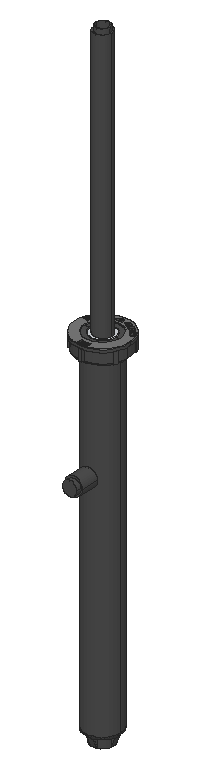
Revit family "Spray Bodies RD1800-S-P-30-NP Series", category Acessórios do tubo, Revit 2020
Family settings
  Cota do conector redondo = Utilizar diâmetro
  Tipo de parte = Normal
  Número OmniClass = 23.60.30.11.14
  Título OmniClass = Pipework Fittings
  Com base no plano de trabalho = Não
  Sempre na vertical = Sim
  Corte com vazios quando carregada = Não
  Compartilhado = Não
Parameters (values of type "RD1812-S-P-30-NP")
  White Plastic = Purple Plastic
  URL = "https://www.rainbird.com/"
  SupportProjetos: Reviw Date = "15/11/2020"  # constant formula
  SupportProjetos: Reviw = "R01"  # constant formula
  SupportProjetos: Level of Detail = "LOD 300"  # constant formula
  SupportProjetos: Developed = "MICHEL SOARES MOTA"  # constant formula
  SupportProjetos: Creation Date = "13/07/2020"  # constant formula
  Side inlet = Model > 1805  # yes
  RainBird: Product Link = "https://store.rainbird.com/sprinklers/spray-heads.html?sprays_sprayheadseries=117"
  RainBird: Description = "Spray Bodies Serie ED1800 - Model RD1812-S-P-30-NP"
  RainBird: Comment [instance] = ""
  RT = 0.3015 cm
  RN = 1 cm
  R5 = 1 cm
  R4 = 1.25 cm
  R3 = 2 cm
  R2 = 2.85 cm
  R1 = 1 cm
  R-VAN = yes
  Pop up height = 30.5 cm
  Pop up on [instance] = yes
  Modelo = "RD1812-S-P-30-NP"
  Model = 1812
  H1 = Body height / 3  # 13.5333 cm
  Elevação padrão = 0 cm
  Descrição = RainBird: Description  # "Spray Bodies Serie ED1800 - Model RD1812-S-P-30-NP"
  DT8 = 0.08 cm
  DT7 = 3.05 cm
  DT6 = 2 cm
  DT5 = 0.12 cm
  DT4 = 0.5 cm
  DT3 = 0.7973 cm
  DT2 = 1 cm
  DT1 = 1.4 cm
  DD9 = 2 cm
  DD8 [instance] = if(Pop up on, Pop up height, 0 cm)  # 30.5 cm
  DD7 = 0.6 cm
  DD6 = 0.3 cm
  DD5 = 0.2 cm
  DD3 = 1.8 cm
  DD2 = 0.5 cm
  DD13 = 1.5 cm
  DD12 [instance] = if(Pop up on, Pop up height + 1.51 cm, 0 cm)  # 32.01 cm
  DD11 = 0.6254 cm
  DD10 = 2.5 cm
  DD1 = 1.2 cm
  Conection = 1.91 cm  # constant formula
  Body height = 40.6 cm
  Black Plastic 2 = Black Plastic 2
  Black Plastic = Black Plastic
  Arch Angle [instance] = 180.00°
  AA1 = 135.00°
  1812 = yes
  1806 = no
  1804 = no
  180 = no
Types (4, lengths in cm): name | Side inlet | RainBird: Description | Pop up height | Modelo | Model | H1 | Descrição | DD9 | DD8 | DD12 | DD11 | DD10 | Body height | 1812 | 1806 | 1804 | 180
  (no name) | yes | "Spray Bodies Serie ED1800 - Model RD1812-S-P-30-NP" | 30.5 | "RD1812-S-P-30-NP" | 1812 | 13.5333 | "Spray Bodies Serie ED1800 - Model RD1812-S-P-30-NP" | 2 | 30.5 | 32.01 | 0.6254 | 2.5 | 40.6 | yes | no | no | no
  RD1804-S-P-30-NP | no | "Spray Bodies Serie RD1800 - Model RD1804-S-P-30-NP" | 10.2 | "RD1804-S-P-30-NP" | 1804 | 5.0667 | "Spray Bodies Serie RD1800 - Model RD1804-S-P-30-NP" | 1.3673 | 10.2 | 11.71 | 0.2 | 2.7818 | 15.2 | no | no | yes | yes
  RD1806-S-P-30-NP | yes | "Spray Bodies Serie RD1800 - Model RD1806-S-P-30-NP" | 15.2 | "RD1806-S-P-30-NP" | 1806 | 7.9333 | "Spray Bodies Serie RD1800 - Model RD1806-S-P-30-NP" | 1.3673 | 15.2 | 16.71 | 0.1 | 2.7818 | 23.8 | no | yes | no | yes
  RD1812-S-P-30-NP | yes | "Spray Bodies Serie ED1800 - Model RD1812-S-P-30-NP" | 30.5 | "RD1812-S-P-30-NP" | 1812 | 13.5333 | "Spray Bodies Serie ED1800 - Model RD1812-S-P-30-NP" | 2 | 30.5 | 32.01 | 0.6254 | 2.5 | 40.6 | yes | no | no | no
Reference planes (cm)
  plane 1 "Centro (Frente/Trás)": y = 0
  plane 2: z = 0
  plane 3 "Centro (Esquerda/Direita)": x = 0
  plane 4: z = 0.12
  plane 5: z = 0.08
  plane 6: y = -2
Forms (cm)
  Revolve 1, solid, material "Black Plastic" <- "Black Plastic"
    sketch origin (0, 0, 0) x (1, 0, 0) y (0, 0, 1)
      loop
        line (2.85, -1.5672) -> (2.85, -0.3) -> (3.05, -0.3) -> (3.05, 0) -> (1.4, 0) -> (1.4, -1) -> (1, -1) -> (1, -30.5) -> (0.6, -30.5) -> (0.6, -39.4) -> (1, -39.4) -> (1, -40.6) -> (1.25, -40.6) -> (1.25, -39.4) -> (1.6985, -39.4)
        arc (1.6985, -39.4) -> (1.9117, -39.3117) -> (2, -39.0985) r 0.3015
        line (2, -39.0985) -> (2, -2.1015)
        arc (2, -2.1015) -> (2.0883, -1.8883) -> (2.3015, -1.8) r 0.3015
        line (2.3015, -1.8) -> (2.6172, -1.8) -> (2.85, -1.5672)
      axis (0, -40.6) -> (0, 0)
    angle from 0 to 360
  Extrusion 2, solid, material "Black Plastic" <- "Black Plastic"
    sketch origin (0, 0, 0) x (1, 0, 0) y (0, 1, 0)
      loop
        circle (0, 0) r 1
    from -30.5 to 30.5
  Extrusion 3, void
    sketch origin (0, 0, 0) x (1, 0, 0) y (0, 1, 0)
      loop
        circle (0, 0) r 1
      loop
        circle (0, 0) r 0.7973
    from 30 to 30.5
  Extrusion 4, solid, material "Black Plastic" <- "Black Plastic", visible <- "180"
    sketch origin (0, -2.5, 0) x (1, 0, 0) y (0, 1, 0)
      loop
        line (-2.231, 3.2135) -> (-2.1644, 3.3339) -> (-2.3679, 3.3844) -> (-2.2992, 3.5085) -> (-2.0365, 3.4904) -> (-1.9715, 3.608) -> (-2.2887, 3.6298) -> (-2.4263, 3.706) -> (-2.6398, 3.6445) -> (-2.8298, 3.3622) -> (-2.231, 3.2135)
      loop
        line (-2.6663, 3.4585) -> (-2.4339, 3.4008) -> (-2.3526, 3.5478) -> (-2.4178, 3.6107) -> (-2.5587, 3.5701) -> (-2.6663, 3.4585)
      loop
        line (-1.9163, 3.7039) -> (-1.8175, 3.8064) -> (-1.8808, 3.8933) -> (-1.7232, 4.0568) -> (-1.6371, 4.0092) -> (-1.5763, 4.1193) -> (-2.1283, 4.1963) -> (-2.2118, 4.1098) -> (-1.9163, 3.7039)
      loop
        line (-2.0723, 4.0915) -> (-1.9537, 3.9286) -> (-1.8139, 4.0736) -> (-2.0723, 4.0915)
      loop
        line (-1.8177, 4.5186) -> (-1.3486, 4.2146) -> (-1.2727, 4.2934) -> (-1.7417, 4.5974) -> (-1.8177, 4.5186)
      loop
        line (-1.1151, 4.372) -> (-1.0305, 4.4599) -> (-1.2636, 4.6846) -> (-0.7593, 4.6142) -> (-0.6667, 4.7103) -> (-1.0803, 5.0567) -> (-1.1605, 4.9984) -> (-0.8466, 4.7354) -> (-1.4131, 4.8145) -> (-1.5049, 4.7477) -> (-1.1151, 4.372)
      loop
        line (-0.4562, 4.9237) -> (-0.283, 4.8466) -> (-0.0843, 4.7934) -> (0, 4.9138) -> (0.2358, 4.8722) -> (0.2981, 4.9345) -> (0.116, 5.0156) -> (0.2085, 5.1477) -> (-0.0336, 5.3172) -> (-0.0336, 5.1849) -> (-0.0336, 5.0821) -> (-0.1724, 5.1439) -> (-0.2428, 5.1033) -> (-0.1476, 5.0081) -> (-0.274, 4.9621) -> (-0.4562, 4.9237)
      loop
        line (0.6147, 4.7728) -> (0.9327, 4.5929) -> (1.0885, 4.5721) -> (1.1808, 4.6694) -> (1.1317, 4.7723) -> (1.2619, 4.7549) -> (1.334, 4.8309) -> (1.2754, 4.9539) -> (0.9573, 5.1338) -> (0.6147, 4.7728)
      loop
        line (0.8462, 4.8897) -> (0.7501, 4.7884) -> (0.9556, 4.6722) -> (1.0744, 4.6732) -> (1.0734, 4.7801) -> (0.8462, 4.8897)
      loop
        line (0.9989, 5.0507) -> (0.9222, 4.9699) -> (1.1173, 4.8595) -> (1.2037, 4.8602) -> (1.1883, 4.9435) -> (0.9989, 5.0507)
      loop
        line (1.2199, 4.4305) -> (1.3171, 4.3754) -> (1.7079, 4.7092) -> (1.6106, 4.7642) -> (1.2199, 4.4305)
      loop
        line (1.9335, 4.5079) -> (1.472, 4.2878) -> (1.5637, 4.2008) -> (1.7245, 4.2775) -> (1.8813, 4.1484) -> (1.7689, 4.0299) -> (1.857, 3.9063) -> (1.985, 3.9976) -> (2.0031, 4.1334) -> (2.1114, 4.0951) -> (2.2369, 4.155) -> (2.156, 4.3246) -> (1.9335, 4.5079)
      loop
        line (1.9261, 4.4053) -> (1.8225, 4.3559) -> (1.9436, 4.2141) -> (2.1112, 4.2155) -> (2.0556, 4.3321) -> (1.9261, 4.4053)
      loop
        line (1.9557, 3.8215) -> (2.1968, 3.4836) -> (2.3925, 3.4143) -> (2.7137, 3.5675) -> (2.6804, 3.6964) -> (2.4921, 3.9603) -> (1.9557, 3.8215)
      loop
        line (2.1302, 3.7523) -> (2.2577, 3.5736) -> (2.4889, 3.5756) -> (2.5959, 3.652) -> (2.4629, 3.8384) -> (2.1302, 3.7523)
      loop
        line (-0.516, -0.0627) -> (-0.4245, -0.0627) -> (-0.4245, -0.3834) -> (-0.3366, -0.3834) -> (-0.3366, 0.1166) -> (-0.516, -0.0627)
      loop
        line (-0.2745, 0.1165) -> (-0.2745, -0.3834) -> (-0.0345, -0.3834) -> (-0.0345, 0.1165) -> (-0.2745, 0.1165)
      loop
        line (-0.1945, 0.0365) -> (-0.1945, -0.0861) -> (-0.1145, -0.0861) -> (-0.1145, 0.0365) -> (-0.1945, 0.0365)
      loop
        line (-0.1945, -0.1661) -> (-0.1945, -0.3034) -> (-0.1145, -0.3034) -> (-0.1145, -0.1661) -> (-0.1945, -0.1661)
      loop
        line (0.0395, 0.1165) -> (0.0395, -0.3834) -> (0.2795, -0.3834) -> (0.2795, 0.1165) -> (0.0395, 0.1165)
      loop
        line (0.1195, 0.0365) -> (0.1195, -0.3034) -> (0.1995, -0.3034) -> (0.1995, 0.0365) -> (0.1195, 0.0365)
    from 0 to 0.12
  Extrusion 5, solid, material "Black Plastic 2" <- "Black Plastic 2"
    sketch origin (0, 0, 0) x (1, 0, 0) y (0, 1, 0)
      loop
        circle (0, 0) r 3.05
      loop
        circle (0, 0) r 2
    from 0 to 0.08
  Extrusion 6, solid, material "Black Plastic" <- "Black Plastic", visible <- "Side inlet"
    sketch origin (0, 0, 0) x (1, 0, 0) y (0, 0, 1)
      loop
        circle (0, -13.5333) r 1
    from 2 to 4
  Extrusion 7, solid, material "Black Plastic" <- "Black Plastic", visible <- "Side inlet"
    sketch origin (0, 0, 0) x (1, 0, 0) y (0, 0, 1)
      loop
        circle (0, -13.5333) r 0.7964
    from 4 to 4.5
  Extrusion 8, void
    sketch origin (0, 0, 0) x (1, 0, 0) y (0, 1, 0)
      loop
        circle (0, 0) r 0.6963
    from -30.5 to 30.5
  Extrusion 9, solid, material "Black Plastic" <- "Black Plastic"
    sketch origin (0, 0, 0) x (0, 1, 0) y (0, 0, 1)
      loop
        line (1.25, -39.4) -> (1.25, -40.6) -> (1.75, -39.4) -> (1.25, -39.4)
      loop
        line (-1.25, -39.4) -> (-1.75, -39.4) -> (-1.25, -40.6) -> (-1.25, -39.4)
    from -0.3127 to 0.3127
  Extrusion 10, solid, material "Black Plastic" <- "Black Plastic"
    sketch origin (0, 0, 0) x (-1, 0, 0) y (0, 0, 1)
      loop
        line (1.25, -39.4) -> (1.25, -40.6) -> (1.75, -39.4) -> (1.25, -39.4)
      loop
        line (-1.25, -39.4) -> (-1.75, -39.4) -> (-1.25, -40.6) -> (-1.25, -39.4)
    from -0.3127 to 0.3127
  Extrusion 11, solid, material "Black Plastic" <- "Black Plastic", visible <- "1804"
    sketch origin (0.5778, -2.5, 0) x (1, 0, 0) y (0, 1, 0)
      loop
        line (-0.268, -0.156) -> (-0.108, -0.156) -> (-0.108, -0.3834) -> (-0.024, -0.3834) -> (-0.024, 0.1165) -> (-0.108, 0.1165) -> (-0.108, -0.0861) -> (-0.188, -0.0861) -> (-0.188, 0.1165) -> (-0.268, 0.1165) -> (-0.268, -0.156)
    from 0 to 0.12
  Extrusion 12, solid, material "Black Plastic" <- "Black Plastic", visible <- "1806"
    sketch origin (0.5778, -2.5, 0) x (1, 0, 0) y (0, 1, 0)
      loop
        line (-0.268, -0.3834) -> (-0.024, -0.3834) -> (-0.024, -0.0861) -> (-0.188, -0.0861) -> (-0.188, 0.0365) -> (-0.024, 0.0365) -> (-0.024, 0.1165) -> (-0.268, 0.1165) -> (-0.268, -0.3834)
      loop
        line (-0.188, -0.1661) -> (-0.188, -0.3034) -> (-0.108, -0.3034) -> (-0.108, -0.1661) -> (-0.188, -0.1661)
    from 0 to 0.12
  Extrusion 13, solid, material "Black Plastic" <- "Black Plastic", visible <- "1812"
    sketch origin (0, -2.5, 0) x (1, 0, 0) y (0, 1, 0)
      loop
        line (-2.231, 3.2135) -> (-2.1644, 3.3339) -> (-2.3679, 3.3844) -> (-2.2992, 3.5085) -> (-2.0365, 3.4904) -> (-1.9715, 3.608) -> (-2.2887, 3.6298) -> (-2.4263, 3.706) -> (-2.6398, 3.6445) -> (-2.8298, 3.3622) -> (-2.231, 3.2135)
      loop
        line (-2.6663, 3.4585) -> (-2.4339, 3.4008) -> (-2.3526, 3.5478) -> (-2.4178, 3.6107) -> (-2.5587, 3.5701) -> (-2.6663, 3.4585)
      loop
        line (-1.9163, 3.7039) -> (-1.8175, 3.8064) -> (-1.8808, 3.8933) -> (-1.7232, 4.0568) -> (-1.6371, 4.0092) -> (-1.5763, 4.1193) -> (-2.1283, 4.1963) -> (-2.2118, 4.1098) -> (-1.9163, 3.7039)
      loop
        line (-2.0723, 4.0915) -> (-1.9537, 3.9286) -> (-1.8139, 4.0736) -> (-2.0723, 4.0915)
      loop
        line (-1.8177, 4.5186) -> (-1.3486, 4.2146) -> (-1.2727, 4.2934) -> (-1.7417, 4.5974) -> (-1.8177, 4.5186)
      loop
        line (-1.1151, 4.372) -> (-1.0305, 4.4599) -> (-1.2636, 4.6846) -> (-0.7593, 4.6142) -> (-0.6667, 4.7103) -> (-1.0803, 5.0567) -> (-1.1605, 4.9984) -> (-0.8466, 4.7354) -> (-1.4131, 4.8145) -> (-1.5049, 4.7477) -> (-1.1151, 4.372)
      loop
        line (-0.4562, 4.9237) -> (-0.283, 4.8466) -> (-0.0843, 4.7934) -> (0, 4.9138) -> (0.2358, 4.8722) -> (0.2981, 4.9345) -> (0.116, 5.0156) -> (0.2085, 5.1477) -> (-0.0336, 5.3172) -> (-0.0336, 5.1849) -> (-0.0336, 5.0821) -> (-0.1724, 5.1439) -> (-0.2428, 5.1033) -> (-0.1476, 5.0081) -> (-0.274, 4.9621) -> (-0.4562, 4.9237)
      loop
        line (0.6147, 4.7728) -> (0.9327, 4.5929) -> (1.0885, 4.5721) -> (1.1808, 4.6694) -> (1.1317, 4.7723) -> (1.2619, 4.7549) -> (1.334, 4.8309) -> (1.2754, 4.9539) -> (0.9573, 5.1338) -> (0.6147, 4.7728)
      loop
        line (0.8462, 4.8897) -> (0.7501, 4.7884) -> (0.9556, 4.6722) -> (1.0744, 4.6732) -> (1.0734, 4.7801) -> (0.8462, 4.8897)
      loop
        line (0.9989, 5.0507) -> (0.9222, 4.9699) -> (1.1173, 4.8595) -> (1.2037, 4.8602) -> (1.1883, 4.9435) -> (0.9989, 5.0507)
      loop
        line (1.2199, 4.4305) -> (1.3171, 4.3754) -> (1.7079, 4.7092) -> (1.6106, 4.7642) -> (1.2199, 4.4305)
      loop
        line (1.9335, 4.5079) -> (1.472, 4.2878) -> (1.5637, 4.2008) -> (1.7245, 4.2775) -> (1.8813, 4.1484) -> (1.7689, 4.0299) -> (1.857, 3.9063) -> (1.985, 3.9976) -> (2.0031, 4.1334) -> (2.1114, 4.0951) -> (2.2369, 4.155) -> (2.156, 4.3246) -> (1.9335, 4.5079)
      loop
        line (1.9261, 4.4053) -> (1.8225, 4.3559) -> (1.9436, 4.2141) -> (2.1112, 4.2155) -> (2.0556, 4.3321) -> (1.9261, 4.4053)
      loop
        line (1.9557, 3.8215) -> (2.1968, 3.4836) -> (2.3925, 3.4143) -> (2.7137, 3.5675) -> (2.6804, 3.6964) -> (2.4921, 3.9603) -> (1.9557, 3.8215)
      loop
        line (2.1302, 3.7523) -> (2.2577, 3.5736) -> (2.4889, 3.5756) -> (2.5959, 3.652) -> (2.4629, 3.8384) -> (2.1302, 3.7523)
      loop
        line (-0.516, -0.0625) -> (-0.4245, -0.0625) -> (-0.4245, -0.3832) -> (-0.3366, -0.3832) -> (-0.3366, 0.1168) -> (-0.516, -0.0625)
      loop
        line (-0.2745, 0.1166) -> (-0.2745, -0.3832) -> (-0.0345, -0.3832) -> (-0.0345, 0.1166) -> (-0.2745, 0.1166)
      loop
        line (-0.1945, 0.0366) -> (-0.1945, -0.086) -> (-0.1145, -0.086) -> (-0.1145, 0.0366) -> (-0.1945, 0.0366)
      loop
        line (-0.1945, -0.166) -> (-0.1945, -0.3032) -> (-0.1145, -0.3032) -> (-0.1145, -0.166) -> (-0.1945, -0.166)
      loop
        line (0.2795, 0.1166) -> (0.1002, -0.0625) -> (0.1916, -0.0625) -> (0.1916, -0.3831) -> (0.2795, -0.3831) -> (0.2795, 0.1166)
      loop
        line (0.3097, 0.1165) -> (0.3097, 0.0365) -> (0.4697, 0.0365) -> (0.4697, -0.0861) -> (0.3097, -0.0861) -> (0.3097, -0.3834) -> (0.5537, -0.3834) -> (0.5537, -0.3032) -> (0.3897, -0.3032) -> (0.3897, -0.1664) -> (0.5537, -0.1664) -> (0.5537, 0.1165) -> (0.3097, 0.1165)
    from 0 to 0.12
  Extrusion 14, solid, material "Black Plastic" <- "Black Plastic"
    sketch origin (0, 0, 0) x (1, 0, 0) y (0, 1, 0)
      loop
        line (-0.1873, 3.0442) -> (-0.1873, 2.8126)
        arc (-0.1873, 2.8126) -> (0, 2.8188) -> (0.1873, 2.8126) r 2.8188
        line (0.1873, 2.8126) -> (0.1873, 3.0442)
        arc (0.1873, 3.0442) -> (0, 3.05) -> (-0.1873, 3.0442) r 3.05
      loop
        arc (-0.1873, -3.0442) -> (0, -3.05) -> (0.1873, -3.0442) r 3.05
        line (0.1873, -3.0442) -> (0.1873, -2.8126)
        arc (0.1873, -2.8126) -> (0, -2.8188) -> (-0.1873, -2.8126) r 2.8188
        line (-0.1873, -2.8126) -> (-0.1873, -3.0442)
      loop
        line (-2.73, 1.3599) -> (-2.5294, 1.2441)
        arc (-2.5294, 1.2441) -> (-2.4411, 1.4094) -> (-2.3421, 1.5685) r 2.8188
        line (-2.3421, 1.5685) -> (-2.5427, 1.6843)
        arc (-2.5427, 1.6843) -> (-2.6414, 1.525) -> (-2.73, 1.3599) r 3.05
      loop
        arc (2.5427, -1.6843) -> (2.6414, -1.525) -> (2.73, -1.3599) r 3.05
        line (2.73, -1.3599) -> (2.5294, -1.2441)
        arc (2.5294, -1.2441) -> (2.4411, -1.4094) -> (2.3421, -1.5685) r 2.8188
        line (2.3421, -1.5685) -> (2.5427, -1.6843)
      loop
        line (-2.5427, -1.6843) -> (-2.3421, -1.5685)
        arc (-2.3421, -1.5685) -> (-2.4411, -1.4094) -> (-2.5294, -1.2441) r 2.8188
        line (-2.5294, -1.2441) -> (-2.73, -1.3599)
        arc (-2.73, -1.3599) -> (-2.6414, -1.525) -> (-2.5427, -1.6843) r 3.05
      loop
        arc (2.73, 1.3599) -> (2.6414, 1.525) -> (2.5427, 1.6843) r 3.05
        line (2.5427, 1.6843) -> (2.3421, 1.5685)
        arc (2.3421, 1.5685) -> (2.4411, 1.4094) -> (2.5294, 1.2441) r 2.8188
        line (2.5294, 1.2441) -> (2.73, 1.3599)
    from -1.5672 to -0.3
Cuts and joins
  Extrusion 3, Extrusion 8 cuts Extrusion 2
Dimensions and locks (cm)
  "Body height": level to Revolve 1 sketch curve
  "R2": Revolve 1 sketch curve to plane 3 "Centro (Esquerda/Direita)"
  "DD1": Revolve 1 sketch curve to Revolve 1 sketch curve
  "DD3": level to Revolve 1 sketch curve
  "R3": Revolve 1 sketch curve to plane 3 "Centro (Esquerda/Direita)"
  "R4": Revolve 1 sketch curve to plane 3 "Centro (Esquerda/Direita)"
  "DD5": Revolve 1 sketch curve to Revolve 1 sketch curve
  "DD6": level to Revolve 1 sketch curve
  "RN": Revolve 1 sketch curve to plane 3 "Centro (Esquerda/Direita)"
  "Pop up height": level to Revolve 1 sketch curve
  "R5": plane 3 "Centro (Esquerda/Direita)" to Revolve 1 sketch curve
  "DD7": Revolve 1 sketch curve to plane 3 "Centro (Esquerda/Direita)"
  "DT1": plane 3 "Centro (Esquerda/Direita)" to Revolve 1 sketch curve
  "DT2": level to Revolve 1 sketch curve
  "DD8": Extrusion 2 to level
  "DT4": cut or joined group of Extrusion 2, Extrusion 3, Extrusion 8 to cut or joined group of Extrusion 2, Extrusion 3, Extrusion 8
  "DT5": plane 4 to level
  "DT8": plane 5 to level
  "H1": level to Extrusion 6 sketch curve
  "R3": plane 6 to plane 1 "Centro (Frente/Trás)"
  "DD9": Extrusion 6 to plane 6
  locked: Extrusion 7 to Extrusion 6 at 0.5
  "H1": level to Extrusion 7 sketch curve
  equal spacing: Extrusion 9, plane 3 "Centro (Esquerda/Direita)", Extrusion 9
  "DD11": Extrusion 9 to Extrusion 9
  equal spacing: Extrusion 10, plane 1 "Centro (Frente/Trás)", Extrusion 10
  "DD11": Extrusion 10 to Extrusion 10
  plane 3 "Centro (Esquerda/Direita)" to Extrusion 14 = 0.1873 cm
  "RT": radius of Revolve 1 sketch curve  (x2)
  "R1": radius of Extrusion 2 sketch curve
  "R1": radius of Extrusion 3 sketch curve
  "DT3": radius of Extrusion 3 sketch curve
  "DT6": radius of Extrusion 5 sketch curve
  "DT7": radius of Extrusion 5 sketch curve
  "AA1": angle Revolve 1 sketch curve to Revolve 1 sketch curve
  aligned and locked: level to plane 2
  aligned and locked: level to Revolve 1 sketch curve
  aligned and locked: Revolve 1 sketch curve to Revolve 1 sketch curve
  aligned and locked: Extrusion 2 to Revolve 1
  aligned and locked: cut or joined group of Extrusion 2, Extrusion 3, Extrusion 8 to cut or joined group of Extrusion 2, Extrusion 3, Extrusion 8  (x3)
  aligned and locked: Extrusion 4 to level
  aligned and locked: plane 4 to Extrusion 4
  aligned and locked: Extrusion 5 to level
  aligned and locked: plane 5 to Extrusion 5
  aligned and locked: plane 6 to Extrusion 6
  aligned and locked: Extrusion 7 to Extrusion 6
  aligned and locked: Extrusion 9 to Revolve 1
  aligned and locked: Extrusion 10 to Revolve 1
  aligned and locked: Revolve 1 to Extrusion 10
  aligned and locked: Revolve 1 to Extrusion 9
  aligned and locked: Revolve 1 to Extrusion 14  (x2)
Automatic sketch dimensions
  plane 1 "Centro (Frente/Trás)" to Extrusion 2 sketch curve = 0 cm
  Extrusion 2 sketch curve to plane 3 "Centro (Esquerda/Direita)" = 0 cm
  Extrusion 4 sketch curve to plane 3 "Centro (Esquerda/Direita)" = 0 cm
  Extrusion 4 sketch curve to plane 3 "Centro (Esquerda/Direita)" = 0.0336 cm
  Extrusion 4 sketch curve to plane 3 "Centro (Esquerda/Direita)" = 0.0345 cm
  Extrusion 4 sketch curve to plane 3 "Centro (Esquerda/Direita)" = 0.0843 cm
  Extrusion 4 sketch curve to plane 3 "Centro (Esquerda/Direita)" = 0.1145 cm
  Extrusion 4 sketch curve to Extrusion 4 sketch curve = 0.08 cm  (x11)
  Extrusion 4 sketch curve to Extrusion 4 sketch curve = 0.114 cm
  Extrusion 4 sketch curve to Extrusion 4 sketch curve = 0.0248 cm
  Extrusion 4 sketch curve to Extrusion 4 sketch curve = 0.0704 cm
  Extrusion 4 sketch curve to Extrusion 4 sketch curve = 0.1264 cm
  Extrusion 4 sketch curve to Extrusion 4 sketch curve = 0.009 cm
  Extrusion 4 sketch curve to Extrusion 4 sketch curve = 0.0622 cm  (x3)
  Extrusion 4 sketch curve to Extrusion 4 sketch curve = 0.0879 cm
  Extrusion 4 sketch curve to Extrusion 4 sketch curve = 0.1822 cm
  Extrusion 4 sketch curve to Extrusion 4 sketch curve = 0.0914 cm
  Extrusion 4 sketch curve to Extrusion 4 sketch curve = 0.2105 cm
  Extrusion 4 sketch curve to Extrusion 4 sketch curve = 0.0927 cm
  Extrusion 4 sketch curve to Extrusion 4 sketch curve = 0.0872 cm  (x2)
  Extrusion 4 sketch curve to Extrusion 4 sketch curve = 0.2711 cm
  Extrusion 4 sketch curve to Extrusion 4 sketch curve = 0.2338 cm
  Extrusion 4 sketch curve to Extrusion 4 sketch curve = 0.0847 cm  (x2)
  Extrusion 4 sketch curve to Extrusion 4 sketch curve = 0.0802 cm
  Extrusion 4 sketch curve to Extrusion 4 sketch curve = 0.2331 cm
  Extrusion 4 sketch curve to Extrusion 4 sketch curve = 0.1575 cm
  Extrusion 4 sketch curve to Extrusion 4 sketch curve = 0.0759 cm  (x2)
  Extrusion 4 sketch curve to Extrusion 4 sketch curve = 0.1495 cm
  Extrusion 4 sketch curve to Extrusion 4 sketch curve = 0.0917 cm  (x2)
  Extrusion 4 sketch curve to Extrusion 4 sketch curve = 0.2277 cm
  Extrusion 4 sketch curve to Extrusion 4 sketch curve = 0.0609 cm  (x2)
  Extrusion 4 sketch curve to Extrusion 4 sketch curve = 0.0861 cm
  Extrusion 4 sketch curve to Extrusion 4 sketch curve = 0.2369 cm
  Extrusion 4 sketch curve to Extrusion 4 sketch curve = 0.0907 cm
  Extrusion 4 sketch curve to Extrusion 4 sketch curve = 0.0037 cm
  Extrusion 4 sketch curve to Extrusion 4 sketch curve = 0.0633 cm
  Extrusion 4 sketch curve to Extrusion 4 sketch curve = 0.0988 cm
  Extrusion 4 sketch curve to Extrusion 4 sketch curve = 0.0729 cm
  Extrusion 4 sketch curve to Extrusion 4 sketch curve = 0.0551 cm
  Extrusion 4 sketch curve to plane 1 "Centro (Frente/Trás)" = 0.9904 cm
  Extrusion 4 sketch curve to Extrusion 4 sketch curve = 0.065 cm
  Extrusion 4 sketch curve to Extrusion 4 sketch curve = 0.1186 cm
  Extrusion 4 sketch curve to Extrusion 4 sketch curve = 0.056 cm
  Extrusion 4 sketch curve to plane 1 "Centro (Frente/Trás)" = 0.8339 cm
  Extrusion 4 sketch curve to Extrusion 4 sketch curve = 0.1279 cm
  Extrusion 4 sketch curve to Extrusion 4 sketch curve = 0.0835 cm
  Extrusion 4 sketch curve to plane 1 "Centro (Frente/Trás)" = 0.7135 cm
  Extrusion 4 sketch curve to Extrusion 4 sketch curve = 0.0666 cm  (x2)
  Extrusion 4 sketch curve to plane 1 "Centro (Frente/Trás)" = 1.1298 cm
  Extrusion 4 sketch curve to Extrusion 4 sketch curve = 0.2521 cm
  Extrusion 4 sketch curve to plane 1 "Centro (Frente/Trás)" = 1.0085 cm
  Extrusion 4 sketch curve to Extrusion 4 sketch curve = 0.0106 cm
  Extrusion 4 sketch curve to plane 1 "Centro (Frente/Trás)" = 1.0478 cm
  Extrusion 4 sketch curve to Extrusion 4 sketch curve = 0.0534 cm
  Extrusion 4 sketch curve to plane 1 "Centro (Frente/Trás)" = 0.8844 cm
  Extrusion 4 sketch curve to Extrusion 4 sketch curve = 0.0686 cm
  Extrusion 4 sketch curve to plane 1 "Centro (Frente/Trás)" = 1.1107 cm
  Extrusion 4 sketch curve to Extrusion 4 sketch curve = 0.0652 cm
  Extrusion 4 sketch curve to plane 1 "Centro (Frente/Trás)" = 1.206 cm
  Extrusion 4 sketch curve to Extrusion 4 sketch curve = 0.0084 cm
  Extrusion 4 sketch curve to plane 1 "Centro (Frente/Trás)" = 0.9008 cm
  Extrusion 4 sketch curve to Extrusion 4 sketch curve = 0.066 cm
  Extrusion 4 sketch curve to plane 1 "Centro (Frente/Trás)" = 1.0701 cm
  Extrusion 4 sketch curve to Extrusion 4 sketch curve = 0.1408 cm
  Extrusion 4 sketch curve to plane 1 "Centro (Frente/Trás)" = 1.1445 cm
  Extrusion 4 sketch curve to Extrusion 4 sketch curve = 0.0811 cm  (x2)
  Extrusion 4 sketch curve to plane 1 "Centro (Frente/Trás)" = 0.9585 cm
  Extrusion 4 sketch curve to Extrusion 4 sketch curve = 0.1076 cm
  Extrusion 4 sketch curve to plane 1 "Centro (Frente/Trás)" = 0.8622 cm
  Extrusion 4 sketch curve to Extrusion 4 sketch curve = 0.1635 cm
  plane 3 "Centro (Esquerda/Direita)" to Extrusion 4 sketch curve = 0.0395 cm
  plane 3 "Centro (Esquerda/Direita)" to Extrusion 4 sketch curve = 0.116 cm
  Extrusion 4 sketch curve to Extrusion 4 sketch curve = 0.0925 cm
  Extrusion 4 sketch curve to Extrusion 4 sketch curve = 0.1199 cm
  Extrusion 4 sketch curve to Extrusion 4 sketch curve = 0.3166 cm
  Extrusion 4 sketch curve to Extrusion 4 sketch curve = 0.1353 cm
  Extrusion 4 sketch curve to Extrusion 4 sketch curve = 0.0961 cm  (x2)
  Extrusion 4 sketch curve to Extrusion 4 sketch curve = 0.076 cm  (x2)
  Extrusion 4 sketch curve to Extrusion 4 sketch curve = 0.1827 cm
  Extrusion 4 sketch curve to Extrusion 4 sketch curve = 0.0229 cm
  Extrusion 4 sketch curve to Extrusion 4 sketch curve = 0.0351 cm
  Extrusion 4 sketch curve to Extrusion 4 sketch curve = 0.0416 cm
  Extrusion 4 sketch curve to Extrusion 4 sketch curve = 0.1178 cm
  Extrusion 4 sketch curve to Extrusion 4 sketch curve = 0.0009 cm
  Extrusion 4 sketch curve to Extrusion 4 sketch curve = 0.0141 cm
  Extrusion 4 sketch curve to Extrusion 4 sketch curve = 0.0439 cm
  Extrusion 4 sketch curve to Extrusion 4 sketch curve = 0.0583 cm
  Extrusion 4 sketch curve to Extrusion 4 sketch curve = 0.1064 cm
  Extrusion 4 sketch curve to Extrusion 4 sketch curve = 0.071 cm
  Extrusion 4 sketch curve to Extrusion 4 sketch curve = 0.0154 cm
  Extrusion 4 sketch curve to Extrusion 4 sketch curve = 0.1314 cm
  Extrusion 4 sketch curve to Extrusion 4 sketch curve = 0.0871 cm
  Extrusion 4 sketch curve to Extrusion 4 sketch curve = 0.0973 cm  (x3)
  Extrusion 4 sketch curve to Extrusion 4 sketch curve = 0.0721 cm
  Extrusion 4 sketch curve to Extrusion 4 sketch curve = 0.1549 cm
  Extrusion 4 sketch curve to Extrusion 4 sketch curve = 0.2766 cm
  Extrusion 4 sketch curve to Extrusion 4 sketch curve = 0.1608 cm
  Extrusion 4 sketch curve to Extrusion 4 sketch curve = 0.0443 cm
  Extrusion 4 sketch curve to Extrusion 4 sketch curve = 0.098 cm
  Extrusion 4 sketch curve to Extrusion 4 sketch curve = 0.0882 cm
  Extrusion 4 sketch curve to Extrusion 4 sketch curve = 0.1125 cm
  Extrusion 4 sketch curve to Extrusion 4 sketch curve = 0.1036 cm
  Extrusion 4 sketch curve to Extrusion 4 sketch curve = 0.0073 cm
  Extrusion 4 sketch curve to Extrusion 4 sketch curve = 0.0623 cm
  Extrusion 4 sketch curve to Extrusion 4 sketch curve = 0.0987 cm
  Extrusion 4 sketch curve to Extrusion 4 sketch curve = 0.128 cm
  Extrusion 4 sketch curve to Extrusion 4 sketch curve = 0.0595 cm
  Extrusion 4 sketch curve to Extrusion 4 sketch curve = 0.1295 cm
  Extrusion 4 sketch curve to Extrusion 4 sketch curve = 0.0556 cm
  Extrusion 4 sketch curve to Extrusion 4 sketch curve = 0.1083 cm
  Extrusion 4 sketch curve to Extrusion 4 sketch curve = 0.1745 cm
  Extrusion 4 sketch curve to Extrusion 4 sketch curve = 0.1004 cm
  Extrusion 4 sketch curve to plane 1 "Centro (Frente/Trás)" = 0.9836 cm
  Extrusion 4 sketch curve to Extrusion 4 sketch curve = 0.1255 cm
  Extrusion 4 sketch curve to plane 1 "Centro (Frente/Trás)" = 1.0736 cm
  Extrusion 4 sketch curve to plane 1 "Centro (Frente/Trás)" = 0.9143 cm
  Extrusion 4 sketch curve to Extrusion 4 sketch curve = 0.1957 cm
  Extrusion 4 sketch curve to Extrusion 4 sketch curve = 0.2053 cm
  Extrusion 4 sketch curve to plane 1 "Centro (Frente/Trás)" = 1.0756 cm
  Extrusion 4 sketch curve to Extrusion 4 sketch curve = 0.0964 cm
  Extrusion 4 sketch curve to Extrusion 4 sketch curve = 0.0292 cm
  Extrusion 4 sketch curve to plane 1 "Centro (Frente/Trás)" = 1.152 cm
  Extrusion 4 sketch curve to Extrusion 4 sketch curve = 0.107 cm
  Extrusion 4 sketch curve to plane 1 "Centro (Frente/Trás)" = 1.1964 cm
  Extrusion 4 sketch curve to Extrusion 4 sketch curve = 0.0844 cm
  Extrusion 4 sketch curve to plane 1 "Centro (Frente/Trás)" = 1.0675 cm
  Extrusion 4 sketch curve to Extrusion 4 sketch curve = 0.0333 cm
  Extrusion 4 sketch curve to plane 6 = 0.3834 cm
  Extrusion 4 sketch curve to Extrusion 4 sketch curve = 0.0001 cm
  Extrusion 4 sketch curve to Extrusion 4 sketch curve = 0 cm  (x4)
  Extrusion 4 sketch curve to Extrusion 4 sketch curve = 0.1793 cm
  Extrusion 4 sketch curve to Extrusion 4 sketch curve = 0.1226 cm
  Extrusion 4 sketch curve to Extrusion 4 sketch curve = 0.1372 cm
  Extrusion 4 sketch curve to Extrusion 4 sketch curve = 0.1176 cm
  Extrusion 4 sketch curve to Extrusion 4 sketch curve = 0.096 cm
  Extrusion 4 sketch curve to Extrusion 4 sketch curve = 0.1787 cm
  Extrusion 4 sketch curve to Extrusion 4 sketch curve = 0.1025 cm
  Extrusion 4 sketch curve to Extrusion 4 sketch curve = 0.0692 cm
  Extrusion 4 sketch curve to Extrusion 4 sketch curve = 0.0869 cm
  Extrusion 4 sketch curve to Extrusion 4 sketch curve = 0.0353 cm
  Extrusion 4 sketch curve to Extrusion 4 sketch curve = 0.1219 cm
  Extrusion 4 sketch curve to Extrusion 4 sketch curve = 0.0913 cm
  Extrusion 4 sketch curve to Extrusion 4 sketch curve = 0.1159 cm
  Extrusion 4 sketch curve to Extrusion 4 sketch curve = 0.0476 cm
  Extrusion 4 sketch curve to Extrusion 4 sketch curve = 0.0168 cm
  Extrusion 4 sketch curve to Extrusion 4 sketch curve = 0.1629 cm
  Extrusion 4 sketch curve to Extrusion 4 sketch curve = 0.0975 cm
  Extrusion 4 sketch curve to Extrusion 4 sketch curve = 0.0183 cm
  Extrusion 4 sketch curve to Extrusion 4 sketch curve = 0.0383 cm
  Extrusion 4 sketch curve to Extrusion 4 sketch curve = 0.015 cm
  Extrusion 4 sketch curve to Extrusion 4 sketch curve = 0.0599 cm
  Extrusion 4 sketch curve to Extrusion 4 sketch curve = 0.1049 cm
  Extrusion 4 sketch curve to Extrusion 4 sketch curve = 0.1709 cm
  Extrusion 4 sketch curve to Extrusion 4 sketch curve = 0.0657 cm
  Extrusion 4 sketch curve to Extrusion 4 sketch curve = 0.0953 cm
  Extrusion 4 sketch curve to Extrusion 4 sketch curve = 0.1091 cm
  Extrusion 4 sketch curve to Extrusion 4 sketch curve = 0.0767 cm
  Extrusion 4 sketch curve to Extrusion 4 sketch curve = 0.087 cm
  Extrusion 4 sketch curve to Extrusion 4 sketch curve = 0.0788 cm  (x3)
  Extrusion 4 sketch curve to Extrusion 4 sketch curve = 0.0074 cm
  Extrusion 4 sketch curve to Extrusion 4 sketch curve = 0.0783 cm
  Extrusion 4 sketch curve to Extrusion 4 sketch curve = 0.0787 cm
  Extrusion 4 sketch curve to Extrusion 4 sketch curve = 0.0876 cm
  Extrusion 4 sketch curve to Extrusion 4 sketch curve = 0.0494 cm
  Extrusion 4 sketch curve to Extrusion 4 sketch curve = 0.055 cm  (x2)
  Extrusion 4 sketch curve to Extrusion 4 sketch curve = 0.0878 cm
  Extrusion 4 sketch curve to Extrusion 4 sketch curve = 0.1026 cm
  Extrusion 4 sketch curve to Extrusion 4 sketch curve = 0.2291 cm
  Extrusion 4 sketch curve to Extrusion 4 sketch curve = 0.1417 cm
  Extrusion 4 sketch curve to Extrusion 4 sketch curve = 0.0208 cm
  Extrusion 4 sketch curve to Extrusion 4 sketch curve = 0.1543 cm
  Extrusion 4 sketch curve to Extrusion 4 sketch curve = 0.0792 cm
  Extrusion 4 sketch curve to Extrusion 4 sketch curve = 0.1011 cm
  Extrusion 4 sketch curve to Extrusion 4 sketch curve = 0.2013 cm
  Extrusion 4 sketch curve to Extrusion 4 sketch curve = 0.1212 cm
  Extrusion 4 sketch curve to Extrusion 4 sketch curve = 0.0855 cm
  Extrusion 4 sketch curve to Extrusion 4 sketch curve = 0.0078 cm
  Extrusion 4 sketch curve to Extrusion 4 sketch curve = 0.1007 cm
  Extrusion 4 sketch curve to Extrusion 4 sketch curve = 0.0156 cm
  Extrusion 4 sketch curve to Extrusion 4 sketch curve = 0.0831 cm
  Extrusion 4 sketch curve to Extrusion 4 sketch curve = 0.0668 cm
  Extrusion 4 sketch curve to Extrusion 4 sketch curve = 0.0532 cm
  Extrusion 4 sketch curve to Extrusion 4 sketch curve = 0.0008 cm
  Extrusion 4 sketch curve to Extrusion 4 sketch curve = 0.1013 cm
  Extrusion 4 sketch curve to Extrusion 4 sketch curve = 0.1204 cm
  Extrusion 4 sketch curve to Extrusion 4 sketch curve = 0.0771 cm
  Extrusion 4 sketch curve to Extrusion 4 sketch curve = 0.0832 cm  (x2)
  Extrusion 4 sketch curve to Extrusion 4 sketch curve = 0.0104 cm
  Extrusion 4 sketch curve to Extrusion 4 sketch curve = 0.1155 cm
  Extrusion 4 sketch curve to Extrusion 4 sketch curve = 0.0801 cm
  Extrusion 4 sketch curve to Extrusion 4 sketch curve = 0.1839 cm
  Extrusion 4 sketch curve to Extrusion 4 sketch curve = 0.046 cm
  Extrusion 4 sketch curve to Extrusion 4 sketch curve = 0.1018 cm
  Extrusion 4 sketch curve to Extrusion 4 sketch curve = 0.0808 cm
  Extrusion 4 sketch curve to Extrusion 4 sketch curve = 0.0584 cm
  Extrusion 4 sketch curve to Extrusion 4 sketch curve = 0.074 cm
  Extrusion 4 sketch curve to Extrusion 4 sketch curve = 0.0952 cm
  Extrusion 4 sketch curve to Extrusion 4 sketch curve = 0.0406 cm
  Extrusion 4 sketch curve to Extrusion 4 sketch curve = 0.1321 cm
  Extrusion 4 sketch curve to Extrusion 4 sketch curve = 0.1028 cm
  plane 1 "Centro (Frente/Trás)" to Extrusion 8 sketch curve = 0 cm
  Extrusion 8 sketch curve to plane 3 "Centro (Esquerda/Direita)" = 0 cm
  plane 6 to Extrusion 9 sketch curve = 0.25 cm
  plane 6 to Extrusion 9 sketch curve = 0.75 cm
  Extrusion 9 sketch curve to plane 1 "Centro (Frente/Trás)" = 1.25 cm
  Extrusion 9 sketch curve to Extrusion 9 sketch curve = 0.5 cm
  Extrusion 9 sketch curve to level = 40.6 cm
  Extrusion 9 sketch curve to Extrusion 9 sketch curve = 0 cm
  Extrusion 9 sketch curve to Extrusion 9 sketch curve = 1.2 cm  (x2)
  plane 3 "Centro (Esquerda/Direita)" to Extrusion 10 sketch curve = 1.75 cm
  plane 3 "Centro (Esquerda/Direita)" to Extrusion 10 sketch curve = 1.25 cm
  Extrusion 10 sketch curve to plane 3 "Centro (Esquerda/Direita)" = 1.25 cm
  Extrusion 10 sketch curve to Extrusion 10 sketch curve = 0.5 cm
  Extrusion 10 sketch curve to level = 40.6 cm
  Extrusion 10 sketch curve to Extrusion 10 sketch curve = 0 cm
  Extrusion 10 sketch curve to Extrusion 10 sketch curve = 1.2 cm  (x2)
  plane 3 "Centro (Esquerda/Direita)" to Extrusion 11 sketch curve = 0.3097 cm
  Extrusion 11 sketch curve to Extrusion 11 sketch curve = 0.08 cm  (x2)
  Extrusion 11 sketch curve to Extrusion 11 sketch curve = 0 cm  (x2)
  Extrusion 11 sketch curve to Extrusion 11 sketch curve = 0.084 cm
  Extrusion 11 sketch curve to plane 6 = 0.8834 cm
  Extrusion 11 sketch curve to Extrusion 11 sketch curve = 0.2273 cm
  Extrusion 11 sketch curve to Extrusion 11 sketch curve = 0.0699 cm
  Extrusion 11 sketch curve to Extrusion 11 sketch curve = 0.2026 cm
  plane 3 "Centro (Esquerda/Direita)" to Extrusion 12 sketch curve = 0.3097 cm
  Extrusion 12 sketch curve to Extrusion 12 sketch curve = 0.08 cm  (x6)
  Extrusion 12 sketch curve to Extrusion 12 sketch curve = 0.084 cm
  Extrusion 12 sketch curve to Extrusion 12 sketch curve = 0.164 cm
  Extrusion 12 sketch curve to plane 6 = 0.8834 cm
  Extrusion 12 sketch curve to Extrusion 12 sketch curve = 0.1372 cm
  Extrusion 12 sketch curve to Extrusion 12 sketch curve = 0.1226 cm
  Extrusion 13 sketch curve to plane 3 "Centro (Esquerda/Direita)" = 0 cm
  Extrusion 13 sketch curve to plane 3 "Centro (Esquerda/Direita)" = 0.0336 cm
  Extrusion 13 sketch curve to plane 3 "Centro (Esquerda/Direita)" = 0.0345 cm
  Extrusion 13 sketch curve to plane 3 "Centro (Esquerda/Direita)" = 0.0843 cm
  Extrusion 13 sketch curve to plane 3 "Centro (Esquerda/Direita)" = 0.1145 cm
  Extrusion 13 sketch curve to Extrusion 13 sketch curve = 0 cm  (x2)
  Extrusion 13 sketch curve to Extrusion 13 sketch curve = 0.114 cm
  Extrusion 13 sketch curve to Extrusion 13 sketch curve = 0.0248 cm
  Extrusion 13 sketch curve to Extrusion 13 sketch curve = 0.08 cm  (x8)
  Extrusion 13 sketch curve to Extrusion 13 sketch curve = 0.0704 cm
  Extrusion 13 sketch curve to Extrusion 13 sketch curve = 0.1264 cm
  Extrusion 13 sketch curve to Extrusion 13 sketch curve = 0.009 cm
  Extrusion 13 sketch curve to Extrusion 13 sketch curve = 0.0622 cm  (x3)
  Extrusion 13 sketch curve to Extrusion 13 sketch curve = 0.0879 cm  (x2)
  Extrusion 13 sketch curve to Extrusion 13 sketch curve = 0.1822 cm
  Extrusion 13 sketch curve to Extrusion 13 sketch curve = 0.0914 cm
  Extrusion 13 sketch curve to Extrusion 13 sketch curve = 0.2105 cm
  Extrusion 13 sketch curve to Extrusion 13 sketch curve = 0.0927 cm
  Extrusion 13 sketch curve to Extrusion 13 sketch curve = 0.0872 cm  (x2)
  Extrusion 13 sketch curve to Extrusion 13 sketch curve = 0.2711 cm
  Extrusion 13 sketch curve to Extrusion 13 sketch curve = 0.2338 cm
  Extrusion 13 sketch curve to Extrusion 13 sketch curve = 0.0847 cm  (x2)
  Extrusion 13 sketch curve to Extrusion 13 sketch curve = 0.0802 cm
  Extrusion 13 sketch curve to Extrusion 13 sketch curve = 0.2331 cm
  Extrusion 13 sketch curve to Extrusion 13 sketch curve = 0.1575 cm
  Extrusion 13 sketch curve to Extrusion 13 sketch curve = 0.0759 cm  (x2)
  Extrusion 13 sketch curve to Extrusion 13 sketch curve = 0.1495 cm
  Extrusion 13 sketch curve to Extrusion 13 sketch curve = 0.0917 cm  (x2)
  Extrusion 13 sketch curve to Extrusion 13 sketch curve = 0.2277 cm
  Extrusion 13 sketch curve to Extrusion 13 sketch curve = 0.0609 cm  (x2)
  Extrusion 13 sketch curve to Extrusion 13 sketch curve = 0.0861 cm
  Extrusion 13 sketch curve to Extrusion 13 sketch curve = 0.2369 cm
  Extrusion 13 sketch curve to Extrusion 13 sketch curve = 0.0907 cm
  Extrusion 13 sketch curve to Extrusion 13 sketch curve = 0.0037 cm
  Extrusion 13 sketch curve to Extrusion 13 sketch curve = 0.0633 cm
  Extrusion 13 sketch curve to Extrusion 13 sketch curve = 0.0988 cm
  Extrusion 13 sketch curve to Extrusion 13 sketch curve = 0.0729 cm
  Extrusion 13 sketch curve to Extrusion 13 sketch curve = 0.0551 cm
  Extrusion 13 sketch curve to plane 1 "Centro (Frente/Trás)" = 0.9904 cm
  Extrusion 13 sketch curve to Extrusion 13 sketch curve = 0.065 cm
  Extrusion 13 sketch curve to Extrusion 13 sketch curve = 0.1186 cm
  Extrusion 13 sketch curve to Extrusion 13 sketch curve = 0.056 cm
  Extrusion 13 sketch curve to plane 1 "Centro (Frente/Trás)" = 0.8339 cm
  Extrusion 13 sketch curve to Extrusion 13 sketch curve = 0.1279 cm
  Extrusion 13 sketch curve to Extrusion 13 sketch curve = 0.0835 cm
  Extrusion 13 sketch curve to plane 1 "Centro (Frente/Trás)" = 0.7135 cm
  Extrusion 13 sketch curve to Extrusion 13 sketch curve = 0.0666 cm  (x2)
  Extrusion 13 sketch curve to plane 1 "Centro (Frente/Trás)" = 1.1298 cm
  Extrusion 13 sketch curve to Extrusion 13 sketch curve = 0.2521 cm
  Extrusion 13 sketch curve to plane 1 "Centro (Frente/Trás)" = 1.0085 cm
  Extrusion 13 sketch curve to Extrusion 13 sketch curve = 0.0106 cm
  Extrusion 13 sketch curve to plane 1 "Centro (Frente/Trás)" = 1.0478 cm
  Extrusion 13 sketch curve to Extrusion 13 sketch curve = 0.0534 cm
  Extrusion 13 sketch curve to plane 1 "Centro (Frente/Trás)" = 0.8844 cm
  Extrusion 13 sketch curve to Extrusion 13 sketch curve = 0.0686 cm
  Extrusion 13 sketch curve to plane 1 "Centro (Frente/Trás)" = 1.1107 cm
  Extrusion 13 sketch curve to Extrusion 13 sketch curve = 0.0652 cm
  Extrusion 13 sketch curve to plane 1 "Centro (Frente/Trás)" = 1.206 cm
  Extrusion 13 sketch curve to Extrusion 13 sketch curve = 0.0084 cm
  Extrusion 13 sketch curve to plane 1 "Centro (Frente/Trás)" = 0.9008 cm
  Extrusion 13 sketch curve to Extrusion 13 sketch curve = 0.066 cm
  Extrusion 13 sketch curve to plane 1 "Centro (Frente/Trás)" = 1.0701 cm
  Extrusion 13 sketch curve to Extrusion 13 sketch curve = 0.1408 cm
  Extrusion 13 sketch curve to plane 1 "Centro (Frente/Trás)" = 1.1445 cm
  Extrusion 13 sketch curve to Extrusion 13 sketch curve = 0.0811 cm  (x2)
  Extrusion 13 sketch curve to plane 1 "Centro (Frente/Trás)" = 0.9585 cm
  Extrusion 13 sketch curve to Extrusion 13 sketch curve = 0.1076 cm
  Extrusion 13 sketch curve to plane 1 "Centro (Frente/Trás)" = 0.8622 cm
  Extrusion 13 sketch curve to Extrusion 13 sketch curve = 0.1635 cm
  plane 3 "Centro (Esquerda/Direita)" to Extrusion 13 sketch curve = 0.1002 cm
  plane 3 "Centro (Esquerda/Direita)" to Extrusion 13 sketch curve = 0.116 cm
  plane 3 "Centro (Esquerda/Direita)" to Extrusion 13 sketch curve = 0.1916 cm
  Extrusion 13 sketch curve to Extrusion 13 sketch curve = 0.0925 cm
  Extrusion 13 sketch curve to Extrusion 13 sketch curve = 0.1199 cm
  Extrusion 13 sketch curve to Extrusion 13 sketch curve = 0.0302 cm  (x2)
  Extrusion 13 sketch curve to Extrusion 13 sketch curve = 0.16 cm
  Extrusion 13 sketch curve to Extrusion 13 sketch curve = 0.164 cm
  Extrusion 13 sketch curve to Extrusion 13 sketch curve = 0.3166 cm
  Extrusion 13 sketch curve to Extrusion 13 sketch curve = 0.1353 cm
  Extrusion 13 sketch curve to Extrusion 13 sketch curve = 0.0961 cm  (x2)
  Extrusion 13 sketch curve to Extrusion 13 sketch curve = 0.076 cm  (x2)
  Extrusion 13 sketch curve to Extrusion 13 sketch curve = 0.1827 cm
  Extrusion 13 sketch curve to Extrusion 13 sketch curve = 0.0229 cm
  Extrusion 13 sketch curve to Extrusion 13 sketch curve = 0.0351 cm
  Extrusion 13 sketch curve to Extrusion 13 sketch curve = 0.0416 cm
  Extrusion 13 sketch curve to Extrusion 13 sketch curve = 0.1178 cm
  Extrusion 13 sketch curve to Extrusion 13 sketch curve = 0.0009 cm
  Extrusion 13 sketch curve to Extrusion 13 sketch curve = 0.0141 cm
  Extrusion 13 sketch curve to Extrusion 13 sketch curve = 0.0439 cm
  Extrusion 13 sketch curve to Extrusion 13 sketch curve = 0.0583 cm
  Extrusion 13 sketch curve to Extrusion 13 sketch curve = 0.1064 cm
  Extrusion 13 sketch curve to Extrusion 13 sketch curve = 0.071 cm
  Extrusion 13 sketch curve to Extrusion 13 sketch curve = 0.0154 cm
  Extrusion 13 sketch curve to Extrusion 13 sketch curve = 0.1314 cm
  Extrusion 13 sketch curve to Extrusion 13 sketch curve = 0.0871 cm
  Extrusion 13 sketch curve to Extrusion 13 sketch curve = 0.0973 cm  (x3)
  Extrusion 13 sketch curve to Extrusion 13 sketch curve = 0.0721 cm
  Extrusion 13 sketch curve to Extrusion 13 sketch curve = 0.1549 cm
  Extrusion 13 sketch curve to Extrusion 13 sketch curve = 0.2766 cm
  Extrusion 13 sketch curve to Extrusion 13 sketch curve = 0.1608 cm
  Extrusion 13 sketch curve to Extrusion 13 sketch curve = 0.0443 cm
  Extrusion 13 sketch curve to Extrusion 13 sketch curve = 0.098 cm
  Extrusion 13 sketch curve to Extrusion 13 sketch curve = 0.0882 cm
  Extrusion 13 sketch curve to Extrusion 13 sketch curve = 0.1125 cm
  Extrusion 13 sketch curve to Extrusion 13 sketch curve = 0.1036 cm
  Extrusion 13 sketch curve to Extrusion 13 sketch curve = 0.0073 cm
  Extrusion 13 sketch curve to Extrusion 13 sketch curve = 0.0623 cm
  Extrusion 13 sketch curve to Extrusion 13 sketch curve = 0.0987 cm
  Extrusion 13 sketch curve to Extrusion 13 sketch curve = 0.128 cm
  Extrusion 13 sketch curve to Extrusion 13 sketch curve = 0.0595 cm
  Extrusion 13 sketch curve to Extrusion 13 sketch curve = 0.1295 cm
  Extrusion 13 sketch curve to Extrusion 13 sketch curve = 0.0556 cm
  Extrusion 13 sketch curve to Extrusion 13 sketch curve = 0.1083 cm
  Extrusion 13 sketch curve to Extrusion 13 sketch curve = 0.1745 cm
  Extrusion 13 sketch curve to Extrusion 13 sketch curve = 0.1004 cm
  Extrusion 13 sketch curve to plane 1 "Centro (Frente/Trás)" = 0.9836 cm
  Extrusion 13 sketch curve to Extrusion 13 sketch curve = 0.1255 cm
  Extrusion 13 sketch curve to plane 1 "Centro (Frente/Trás)" = 1.0736 cm
  Extrusion 13 sketch curve to plane 1 "Centro (Frente/Trás)" = 0.9143 cm
  Extrusion 13 sketch curve to Extrusion 13 sketch curve = 0.1957 cm
  Extrusion 13 sketch curve to Extrusion 13 sketch curve = 0.2053 cm
  Extrusion 13 sketch curve to plane 1 "Centro (Frente/Trás)" = 1.0756 cm
  Extrusion 13 sketch curve to Extrusion 13 sketch curve = 0.0964 cm
  Extrusion 13 sketch curve to Extrusion 13 sketch curve = 0.0292 cm
  Extrusion 13 sketch curve to plane 1 "Centro (Frente/Trás)" = 1.152 cm
  Extrusion 13 sketch curve to Extrusion 13 sketch curve = 0.107 cm
  Extrusion 13 sketch curve to plane 1 "Centro (Frente/Trás)" = 1.1964 cm
  Extrusion 13 sketch curve to Extrusion 13 sketch curve = 0.0844 cm
  Extrusion 13 sketch curve to plane 1 "Centro (Frente/Trás)" = 1.0675 cm
  Extrusion 13 sketch curve to Extrusion 13 sketch curve = 0.0333 cm
  Extrusion 13 sketch curve to plane 6 = 0.3832 cm
  Extrusion 13 sketch curve to plane 6 = 0.3834 cm
  Extrusion 13 sketch curve to Extrusion 13 sketch curve = 0.0001 cm  (x2)
  Extrusion 13 sketch curve to Extrusion 13 sketch curve = 0.1793 cm
  Extrusion 13 sketch curve to Extrusion 13 sketch curve = 0.1792 cm
  Extrusion 13 sketch curve to Extrusion 13 sketch curve = 0.1226 cm  (x2)
  Extrusion 13 sketch curve to Extrusion 13 sketch curve = 0.0803 cm
  Extrusion 13 sketch curve to Extrusion 13 sketch curve = 0.1369 cm  (x2)
  Extrusion 13 sketch curve to Extrusion 13 sketch curve = 0.1372 cm
  Extrusion 13 sketch curve to Extrusion 13 sketch curve = 0.0799 cm
  Extrusion 13 sketch curve to Extrusion 13 sketch curve = 0.0801 cm  (x2)
  Extrusion 13 sketch curve to Extrusion 13 sketch curve = 0.1176 cm
  Extrusion 13 sketch curve to Extrusion 13 sketch curve = 0.096 cm
  Extrusion 13 sketch curve to Extrusion 13 sketch curve = 0.1787 cm
  Extrusion 13 sketch curve to Extrusion 13 sketch curve = 0.1025 cm
  Extrusion 13 sketch curve to Extrusion 13 sketch curve = 0.0692 cm
  Extrusion 13 sketch curve to Extrusion 13 sketch curve = 0.0869 cm
  Extrusion 13 sketch curve to Extrusion 13 sketch curve = 0.0353 cm
  Extrusion 13 sketch curve to Extrusion 13 sketch curve = 0.1219 cm
  Extrusion 13 sketch curve to Extrusion 13 sketch curve = 0.0913 cm
  Extrusion 13 sketch curve to Extrusion 13 sketch curve = 0.1159 cm
  Extrusion 13 sketch curve to Extrusion 13 sketch curve = 0.0476 cm
  Extrusion 13 sketch curve to Extrusion 13 sketch curve = 0.0168 cm
  Extrusion 13 sketch curve to Extrusion 13 sketch curve = 0.1629 cm
  Extrusion 13 sketch curve to Extrusion 13 sketch curve = 0.0975 cm
  Extrusion 13 sketch curve to Extrusion 13 sketch curve = 0.0183 cm
  Extrusion 13 sketch curve to Extrusion 13 sketch curve = 0.0383 cm
  Extrusion 13 sketch curve to Extrusion 13 sketch curve = 0.015 cm
  Extrusion 13 sketch curve to Extrusion 13 sketch curve = 0.0599 cm
  Extrusion 13 sketch curve to Extrusion 13 sketch curve = 0.1049 cm
  Extrusion 13 sketch curve to Extrusion 13 sketch curve = 0.1709 cm
  Extrusion 13 sketch curve to Extrusion 13 sketch curve = 0.0657 cm
  Extrusion 13 sketch curve to Extrusion 13 sketch curve = 0.0953 cm
  Extrusion 13 sketch curve to Extrusion 13 sketch curve = 0.1091 cm
  Extrusion 13 sketch curve to Extrusion 13 sketch curve = 0.0767 cm
  Extrusion 13 sketch curve to Extrusion 13 sketch curve = 0.087 cm
  Extrusion 13 sketch curve to Extrusion 13 sketch curve = 0.0788 cm  (x3)
  Extrusion 13 sketch curve to Extrusion 13 sketch curve = 0.0074 cm
  Extrusion 13 sketch curve to Extrusion 13 sketch curve = 0.0783 cm
  Extrusion 13 sketch curve to Extrusion 13 sketch curve = 0.0787 cm
  Extrusion 13 sketch curve to Extrusion 13 sketch curve = 0.0876 cm
  Extrusion 13 sketch curve to Extrusion 13 sketch curve = 0.0494 cm
  Extrusion 13 sketch curve to Extrusion 13 sketch curve = 0.055 cm  (x2)
  Extrusion 13 sketch curve to Extrusion 13 sketch curve = 0.0878 cm
  Extrusion 13 sketch curve to Extrusion 13 sketch curve = 0.1026 cm
  Extrusion 13 sketch curve to Extrusion 13 sketch curve = 0.2291 cm
  Extrusion 13 sketch curve to Extrusion 13 sketch curve = 0.1417 cm
  Extrusion 13 sketch curve to Extrusion 13 sketch curve = 0.0208 cm
  Extrusion 13 sketch curve to Extrusion 13 sketch curve = 0.1543 cm
  Extrusion 13 sketch curve to Extrusion 13 sketch curve = 0.0792 cm
  Extrusion 13 sketch curve to Extrusion 13 sketch curve = 0.1011 cm
  Extrusion 13 sketch curve to Extrusion 13 sketch curve = 0.2013 cm
  Extrusion 13 sketch curve to Extrusion 13 sketch curve = 0.1212 cm
  Extrusion 13 sketch curve to Extrusion 13 sketch curve = 0.0855 cm
  Extrusion 13 sketch curve to Extrusion 13 sketch curve = 0.0078 cm
  Extrusion 13 sketch curve to Extrusion 13 sketch curve = 0.1007 cm
  Extrusion 13 sketch curve to Extrusion 13 sketch curve = 0.0156 cm
  Extrusion 13 sketch curve to Extrusion 13 sketch curve = 0.0831 cm
  Extrusion 13 sketch curve to Extrusion 13 sketch curve = 0.0668 cm
  Extrusion 13 sketch curve to Extrusion 13 sketch curve = 0.0532 cm
  Extrusion 13 sketch curve to Extrusion 13 sketch curve = 0.0008 cm
  Extrusion 13 sketch curve to Extrusion 13 sketch curve = 0.1013 cm
  Extrusion 13 sketch curve to Extrusion 13 sketch curve = 0.1204 cm
  Extrusion 13 sketch curve to Extrusion 13 sketch curve = 0.0771 cm
  Extrusion 13 sketch curve to Extrusion 13 sketch curve = 0.0832 cm  (x2)
  Extrusion 13 sketch curve to Extrusion 13 sketch curve = 0.0104 cm
  Extrusion 13 sketch curve to Extrusion 13 sketch curve = 0.1155 cm
  Extrusion 13 sketch curve to Extrusion 13 sketch curve = 0.1839 cm
  Extrusion 13 sketch curve to Extrusion 13 sketch curve = 0.046 cm
  Extrusion 13 sketch curve to Extrusion 13 sketch curve = 0.1018 cm
  Extrusion 13 sketch curve to Extrusion 13 sketch curve = 0.0808 cm
  Extrusion 13 sketch curve to Extrusion 13 sketch curve = 0.0584 cm
  Extrusion 13 sketch curve to Extrusion 13 sketch curve = 0.074 cm
  Extrusion 13 sketch curve to Extrusion 13 sketch curve = 0.0952 cm
  Extrusion 13 sketch curve to Extrusion 13 sketch curve = 0.0406 cm
  Extrusion 13 sketch curve to Extrusion 13 sketch curve = 0.1321 cm
  Extrusion 13 sketch curve to Extrusion 13 sketch curve = 0.1028 cm
  Extrusion 13 sketch curve to Extrusion 13 sketch curve = 0.084 cm
  Extrusion 14 sketch curve to plane 3 "Centro (Esquerda/Direita)" = 0.1873 cm  (x2)
  plane 6 to Extrusion 14 sketch curve = 0.4315 cm  (x2)
  Extrusion 14 sketch curve to plane 1 "Centro (Frente/Trás)" = 1.2441 cm
  Extrusion 14 sketch curve to Extrusion 14 sketch curve = 0.1873 cm  (x3)
  Extrusion 14 sketch curve to Extrusion 14 sketch curve = 0.2006 cm  (x7)
  plane 6 to Extrusion 14 sketch curve = 0.3157 cm  (x2)
  plane 3 "Centro (Esquerda/Direita)" to Extrusion 14 sketch curve = 0.1873 cm  (x2)
  plane 6 to Extrusion 14 sketch curve = 0.7559 cm
  plane 6 to Extrusion 14 sketch curve = 0.6401 cm
  Extrusion 14 sketch curve to Extrusion 14 sketch curve = 0.3244 cm
  Extrusion 14 sketch curve to Extrusion 14 sketch curve = 0.1158 cm  (x2)
  Extrusion 14 sketch curve to plane 1 "Centro (Frente/Trás)" = 1.5685 cm  (x2)
  plane 3 "Centro (Esquerda/Direita)" to Extrusion 14 sketch curve = 2.3421 cm
  Extrusion 14 sketch curve to plane 6 = 0.8126 cm
  Extrusion 14 sketch curve to Extrusion 14 sketch curve = 0.2317 cm  (x2)
  Extrusion 14 sketch curve to Extrusion 14 sketch curve = 1.2441 cm
  Extrusion 14 sketch curve to Extrusion 14 sketch curve = 0 cm  (x22)
  plane 1 "Centro (Frente/Trás)" to Extrusion 14 sketch curve = 0 cm
  Extrusion 14 sketch curve to plane 3 "Centro (Esquerda/Direita)" = 0 cm
  Extrusion 14 sketch curve to plane 3 "Centro (Esquerda/Direita)" = 2.3421 cm
  Revolve 1 sketch curve to plane 3 "Centro (Esquerda/Direita)" = 0 cm
  Revolve 1 sketch curve to Revolve 1 sketch curve = 0.3157 cm
  plane 4 to Revolve 1 sketch curve = 2.4185 cm
  Revolve 1 sketch curve to Revolve 1 sketch curve = 28 cm
  Extrusion 3 sketch curve to Extrusion 3 sketch curve = 0 cm  (x2)
  plane 1 "Centro (Frente/Trás)" to Extrusion 3 sketch curve = 0 cm
  Extrusion 3 sketch curve to plane 3 "Centro (Esquerda/Direita)" = 0 cm
  Extrusion 5 sketch curve to Extrusion 5 sketch curve = 0 cm  (x2)
  plane 1 "Centro (Frente/Trás)" to Extrusion 5 sketch curve = 0 cm
  Extrusion 5 sketch curve to plane 3 "Centro (Esquerda/Direita)" = 0 cm
  Extrusion 6 sketch curve to plane 3 "Centro (Esquerda/Direita)" = 0 cm
  Extrusion 7 sketch curve to plane 3 "Centro (Esquerda/Direita)" = 0 cm
  radius of Extrusion 8 sketch curve = 0.6963 cm
  radius of Extrusion 6 sketch curve = 1 cm
  radius of Extrusion 7 sketch curve = 0.7964 cm
Nested families (cm)
  nested 1: "Standard Cover" at (0, 0, 0), R1 <- "R5", R2 <- "DT1", H <- "DT2", Material <- "White Plastic", type "Standard Cover"
    with R2 1.4 cm, R1 1 cm, Material Purple Plastic, H 1 cm
Connectors (cm)
  piping at (0, -4, -13.5333), diameter 1.91, driven by "Conection"
    settings: on Extrusion 6, index 2, connector inside diameter 609.6 mm, connector length 0 cm, flow factor 0, pipe flow 0.0 L/s, pressure drop 0.0 Pa, fitting loss kfactor 0, connector angle 0.00°, fixture units 0, engagement length 0 cm, angle of deflection 0.00°, flow configuration 0, flow direction 0, fitting loss method 0, system type 20, joint type 0, gender type 0, connector reference index -1, connector utility 0, adjustable connector no, is connector primary yes, connector description ""
  piping at (0, 0, -39.4), diameter 1.91, driven by "Conection"
    settings: on Revolve 1, index 3, connector inside diameter 609.6 mm, connector length 0 cm, flow factor 0, pipe flow 0.0 L/s, pressure drop 0.0 Pa, fitting loss kfactor 0, connector angle 0.00°, fixture units 0, engagement length 0 cm, angle of deflection 0.00°, flow configuration 0, flow direction 0, fitting loss method 0, system type 20, joint type 0, gender type 0, connector reference index -1, connector utility 0, adjustable connector no, is connector primary no, connector description ""
  piping at (0, 0, 30.5), diameter 60.96
    settings: on cut or joined group of Extrusion 2, Extrusion 3, Extrusion 8, index 4, connector inside diameter 609.6 mm, connector length 0 cm, flow factor 0, pipe flow 0.0 L/s, pressure drop 0.0 Pa, fitting loss kfactor 0, connector angle 0.00°, fixture units 0, engagement length 0 cm, angle of deflection 0.00°, flow configuration 0, flow direction 0, fitting loss method 0, system type 28, joint type 0, gender type 0, connector reference index -1, connector utility 0, adjustable connector no, is connector primary no, connector description ""
Definition of nested family "Standard Cover"
  Parameters
    R2 [instance] = 1.4 cm
    R1 [instance] = 1 cm
    Material [instance] = none
    H [instance] = 1 cm
    Default Elevation = 0 cm
  Reference planes (cm)
    plane 1 "Centro (Frente/Trás)": y = 0
    plane 2: z = 0
    plane 3 "Centro (Esquerda/Direita)": x = 0
  Forms (cm)
    Extrusion 1, solid, material <- "Material"
      sketch origin (0, 0, 0) x (1, 0, 0) y (0, 1, 0)
        loop
          circle (0, 0) r 1.4
        loop
          circle (0, 0) r 1
      from -1 to 0
  Dimensions and locks (cm)
    "H": level to Extrusion 1
    "R1": radius of Extrusion 1 sketch curve
    "R2": radius of Extrusion 1 sketch curve
    aligned and locked: level to plane 2
    aligned and locked: level to Extrusion 1
  Automatic sketch dimensions
    Extrusion 1 sketch curve to Extrusion 1 sketch curve = 0 cm  (x2)
    plane 1 "Centro (Frente/Trás)" to Extrusion 1 sketch curve = 0 cm
    Extrusion 1 sketch curve to plane 3 "Centro (Esquerda/Direita)" = 0 cm
